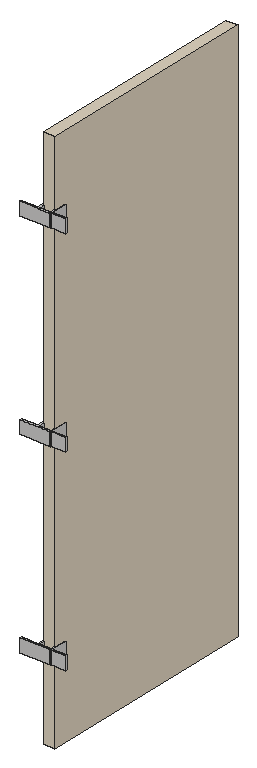
Revit family
Parameters (values of type "As Specified in 10 21 00")
  Warranty Duration (Years) = 0
  URL = "http://www.am-sanitary-partition.com/\r\n"
  Type Comments = "Urinal Screen"
  Stall Width = 2' - 0"
  Stall Depth [instance] = 1' - 6"
  Panel Thickness = 0' - 0 7/8"
  Panel Height [instance] = 3' - 6"
  Green Building-LEED = "http://www.arcat.com/green/clients/leed_data_30440.html\r\n"
  End Panel_Right Side [instance] = yes
  Specification = "http://www.arcat.com/specwizard/clients/amerisan.html?coid=30440\r\n"
  SpecWizard = "http://www.arcat.com/specwizard/10150asp/index.htm?mf=&coid=30440\r\n"
  Send Message = "http://admin.arcat.com/users.pl?action=UserEmail&company=American%20Sanitary%20Partition%20Corp.&coid=30440&rep=145&fax=407-656-8189&mf=\r\n"
  Sales Information = "http://www.am-sanitary-partition.com/\r\n"
  Revision = "R1_10/2009"
  Reveal Clearance = 0' - 0 1/2"
  Product Properties = "http://www.arcat.com/bim/bim_info.pl?fn=Toilet-Partition_AmericanSanitary_Urinal-Screen-WallHung\r\n"
  Product Data = "http://www.arcat.com/arcatcos/cos30/arc30440.html\r\n"
  Panel Material [instance] = Phenolic Core - Color as Specified
  Model = "As Specified in 10 21 00"
  Manufacturer's Notes = ""
  Manufacturer Website = "http://www.am-sanitary-partition.com/\r\n"
  Manufacturer Phone = "407-656-0611\r\n"
  Manufacturer Fax = "407-656-8189\r\n"
  Manufacturer Address = "300 Enterprise St.; P. O. Box 99; Ocoee; FL 34761\r\n"
  Manufacturer = "American Sanitary Partition Corp.\r\n"
  Maintenance Schedule (Months) = 0
  Keynote = "10 21 00"
  Installation-Fabrication = "http://www.arcat.com/clients/amersan.pdf"
  Installation Phase = ""
  End Panel_Left Side [instance] = no
  Hardware Finish [instance] = Stainless Steel - Type 304 #4 Brushed Finish
  Expected Lifespan (Years) = 0
  Drawn By = "Robert S. Weygant, CSI, CDT, SCIP"  # constant formula
  Distance from Floor to Panel [instance] = 1' - 0"
  Copyright = "2009, ARCAT, Inc."  # constant formula
  Description = "As Specified in 10 21 00"
  Construction Details = "http://www.arcat.com/details/amerisan/amerisan.html?coid=30440\r\n"
  Brackets_Vertical = 3
  Assembly Code = "C1010400"
Reference planes (in)
  plane 1: y = 26.56271
  plane 2 "Center (Left/Right)": x = 26.69467
  plane 3 "Left": x = 38.69467
  plane 4: x = 14.69467
  plane 5 "Back": y = 32.56271
  plane 6 "Right": x = 13.81967
  plane 7 "Bottom of panel": z = 12
  plane 8 "Top of panel": z = 54
  plane 9 "Bottom Bracket": z = 18
  plane 10 "Top Bracket": z = 48
  plane 11 "Top Hinge": z = 50.75
  plane 12: y = 50.56271
  plane 13: y = 33.06271
  plane 14: z = 0
  plane 15: x = 39.56967
Forms (in)
  Extrusion 1, solid, material "Phenolic Core - Color as Specified" <- "Panel Material", visible <- "End Panel_Left Side"
    sketch origin (0, 0, 0) x (1, 0, 0) y (0, 1, 0)
      loop
        line (38.69467, 33.06271) -> (39.56967, 33.06271) -> (39.56967, 50.56271) -> (38.69467, 50.56271) -> (38.69467, 33.06271)
    from 12 to 54
  Extrusion 2, solid, material "Phenolic Core - Color as Specified" <- "Panel Material", visible <- "End Panel_Right Side"
    sketch origin (0, 0, 0) x (1, 0, 0) y (0, 1, 0)
      loop
        line (13.81967, 33.06271) -> (14.69467, 33.06271) -> (14.69467, 50.56271) -> (13.81967, 50.56271) -> (13.81967, 33.06271)
    from 12 to 54
Lines and regions (in)
  symbolic lines
    curve 1: line (14.69467, 32.56271, 0) -> (13.81967, 32.56271, 0)
Text (in)
  text "Placement Side" at (0, 40.15149, 123.01588), in view "Right"
  text "Placement Side" at (-71.13158, 43.3951, 0), in view "Floor Line"
  text "Placement Side" at (0, 65.23256, 117.93067), in view "Left"
Dimensions and locks (in)
  "Stall Width": plane 4 to plane 3 "Left"
  "Panel Height": plane 7 "Bottom of panel" to plane 8 "Top of panel"
  "Distance from Floor to Panel": host wall to plane 7 "Bottom of panel"
  "Panel Thickness": plane 6 "Right" to plane 4
  "Panel Thickness": plane 3 "Left" to Extrusion 1 sketch curve
  equal spacing: plane 4, plane 2 "Center (Left/Right)", plane 3 "Left"
  locked: plane 10 "Top Bracket" to plane 11 "Top Hinge" at 2.75
  locked: plane 10 "Top Bracket" to plane 8 "Top of panel" at 6
  locked: plane 7 "Bottom of panel" to plane 9 "Bottom Bracket" at 6
  "Reveal Clearance": plane 13 to plane 5 "Back"
  equal spacing: group 1, group 5, group 2  (x3)
  equal spacing: group 3, group 6, group 4  (x2)
  equal spacing: group 4, group 6, group 3
  "Stall Depth": plane 12 to plane 5 "Back"
  "Panel Thickness": plane 3 "Left" to plane 15
  aligned and locked: plane 3 "Left" to Extrusion 1 sketch curve
  aligned and locked: plane 7 "Bottom of panel" to Extrusion 1
  aligned and locked: Extrusion 2 to plane 8 "Top of panel"
  aligned and locked: plane 7 "Bottom of panel" to Extrusion 2
  aligned and locked: plane 12 to Extrusion 2 sketch curve
  aligned and locked: Extrusion 2 sketch curve to plane 13
  aligned and locked: plane 13 to Extrusion 1 sketch curve
  aligned and locked: Extrusion 1 sketch curve to plane 12
  aligned and locked: Extrusion 1 to plane 8 "Top of panel"
  aligned and locked: nested 1 to plane 4  (x3)
  aligned and locked: plane 5 "Back" to nested 1
  aligned and locked: nested 2 to plane 3 "Left"
  aligned and locked: nested 2 to plane 5 "Back"  (x3)
  aligned and locked: nested 2 to plane 9 "Bottom Bracket"
  aligned and locked: plane 9 "Bottom Bracket" to nested 1
  aligned and locked: plane 5 "Back" to nested 2  (x2)
  aligned and locked: nested 3 to plane 10 "Top Bracket"
  aligned and locked: nested 3 to plane 3 "Left"
  aligned and locked: nested 1 to plane 5 "Back"  (x4)
  aligned and locked: plane 6 "Right" to nested 1  (x2)
  aligned and locked: nested 3 to plane 5 "Back"
  aligned and locked: plane 5 "Back" to nested 3
  aligned and locked: plane 10 "Top Bracket" to nested 4
  aligned and locked: nested 4 to plane 4
  aligned and locked: plane 14 to level
  aligned and locked: plane 5 "Back" to host wall
  aligned and locked: plane 5 "Back" to nested 6
Automatic sketch dimensions
  curve 1 to host wall = 0' - 0"
  curve 1 to plane 6 "Right" = 0' - 0"
  curve 1 to plane 4 = 0' - 0"
  Extrusion 2 sketch curve to plane 6 "Right" = 0' - 0"
  Extrusion 2 sketch curve to plane 4 = 0' - 0"
Nested families (in)
  nested 1: "Mounting Bracket" at (14.69467, 32.56271, 18) x (-1, 0, 0) z (0, 0, 1), visible <- "End Panel_Right Side", type "Common Mount"
  nested 2: "Mounting Bracket" at (38.69467, 32.56271, 18), visible <- "End Panel_Left Side", type "Common Mount"
  nested 3: "Mounting Bracket" at (38.69467, 32.56271, 48), visible <- "End Panel_Left Side", type "Common Mount"
  nested 4: "Mounting Bracket" at (14.69467, 32.56271, 48) x (-1, 0, 0) z (0, 0, 1), visible <- "End Panel_Right Side", type "Common Mount"
  nested 5: "Mounting Bracket" at (38.69467, 32.56271, 33), visible <- "End Panel_Left Side", type "Common Mount"
  nested 6: "Mounting Bracket" at (14.69467, 32.56271, 33) x (-1, 0, 0) z (0, 0, 1), visible <- "End Panel_Right Side", type "Common Mount"
Definition of nested family "Mounting Bracket"
  Parameters (values of type "Common Mount")
    panel thickness = 0' - 0 1/2"
    hdwr matl = none
    Surfmnt = yes
    Hdwr Height = 0' - 1"
    Assembly Code = ""
  Types (2): name | panel thickness | Surfmnt
    Common Mount | 0' - 0 1/2" | yes
    End Mount | 0' - 1" | no
  Reference planes (in)
    plane 1 "Center (Front/Back)": y = 0
    plane 2 "bottom": z = 0
    plane 3 "Center (Left/Right)": x = 0
    plane 4: y = -1.37133
    plane 5 "top": z = 1
    plane 6: y = -0.12324
  Forms (in)
    Extrusion 1, solid, material <- "hdwr matl"
      sketch origin (0, 0, 0) x (1, 0, 0) y (0, 1, 0)
        loop
          line (0, -1.37133) -> (0, -0.125) -> (0.5, -0.125) -> (0.5, -1.37133) -> (0.625, -1.37133) -> (0.625, -0.12324) -> (2.25, -0.12324) -> (2.25, 0) -> (-0.125, 0) -> (-0.125, -1.37133) -> (0, -1.37133)
      from 0 to 1
    Extrusion 2, solid, material <- "hdwr matl", visible <- "Surfmnt"
      sketch origin (0, 0, 0) x (1, 0, 0) y (0, 1, 0)
        loop
          line (0, 0) -> (-1.25, 0) -> (-1.25, -0.125) -> (0, -0.125) -> (0, 0)
      from 0 to 1
  Dimensions and locks (in)
    "panel thickness": Extrusion 1 sketch curve to Extrusion 1 sketch curve
    locked: Extrusion 1 sketch curve to Extrusion 1 sketch curve at 0.125  (x2)
    locked: plane 4 to plane 1 "Center (Front/Back)" at 1.37133
    locked: Extrusion 1 sketch curve to Extrusion 1 sketch curve at 2.375
    locked: Extrusion 2 sketch curve to Extrusion 2 sketch curve at 0.125
    locked: Extrusion 2 sketch curve to Extrusion 2 sketch curve at 1.25
    "Hdwr Height": plane 5 "top" to plane 2 "bottom"
    locked: plane 6 to plane 1 "Center (Front/Back)" at 0.12324
    "panel thickness": Extrusion 1 to Extrusion 1
    aligned and locked: plane 3 "Center (Left/Right)" to Extrusion 1 sketch curve
    aligned and locked: Extrusion 1 sketch curve to plane 1 "Center (Front/Back)"
    aligned and locked: Extrusion 1 sketch curve to plane 4  (x2)
    aligned and locked: Extrusion 2 sketch curve to plane 1 "Center (Front/Back)"
    aligned and locked: plane 3 "Center (Left/Right)" to Extrusion 2 sketch curve
    aligned and locked: plane 5 "top" to Extrusion 1
    aligned and locked: plane 5 "top" to Extrusion 2
    aligned and locked: Extrusion 1 to plane 2 "bottom"
    aligned and locked: Extrusion 2 to plane 2 "bottom"
  Automatic sketch dimensions
    plane 1 "Center (Front/Back)" to Extrusion 1 sketch curve = 0' - 0.12324"
    plane 1 "Center (Front/Back)" to Extrusion 1 sketch curve = 0' - 0 1/8"
